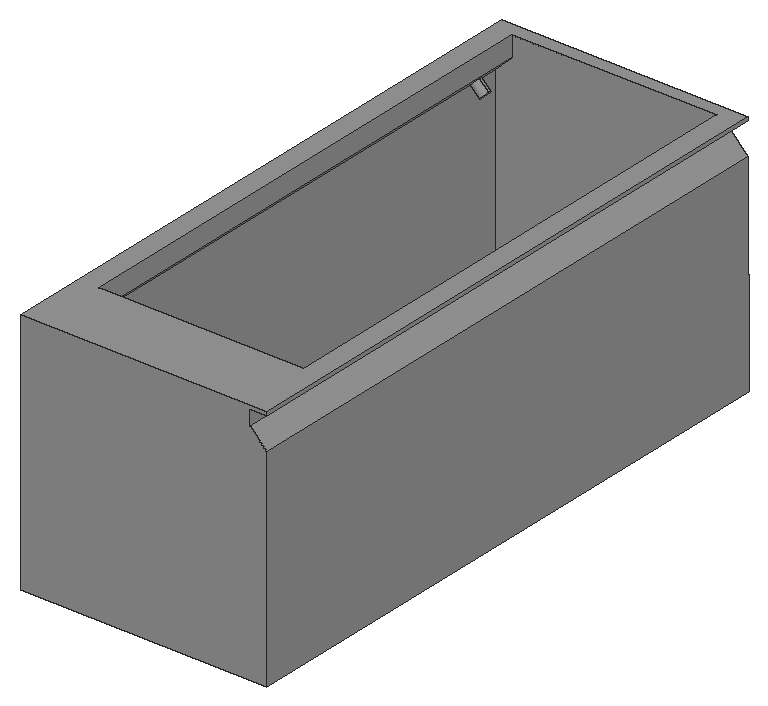
Revit family "Shower_Cabinet-Willoughby-US-3636-L", category Plumbing Fixtures, Revit 2015
Parameters (values of type "Standard")
  Waste Radius = Waste DIA / 2  # 1"
  Waste DIA = 2"
  Waste Connection = yes
  Vent Connection = no
  URL = "https://www.willoughby-ind.com/wp-content/uploads/2018/01/US-3636.pdf"
  Revision = "A"
  Model = "US-3636-L"
  Manufacturer = "Willoughby Industries"
  HW Connection = no
  HCW Inlet RAD = HCW Inlet DIA / 2  # 1/4"
  HCW Inlet DIA = 1/2"
  HCW Connection = yes
  Fixture Body = Stainless Steel AISI 304-Willoughby
  Description = "US 36\" X 36\" Cabinet Shower, Left Hand"
  Default Elevation = 0' - 0"
  Contact info = "(800) 428-4065"
  CW Connection = no
Reference planes (in)
  plane 1 "Center (Front/Back)": y = 0
  plane 2: z = 0
  plane 3 "Center (Left/Right)": x = 0
  plane 4: y = 88
  plane 5: x = -18
  plane 6: x = 18
  plane 7: z = 36
  plane 8: z = 18
  plane 9 "Waste Height": y = 6.5
Forms (in)
  Extrusion 1, solid, material "Stainless Steel AISI 304-Willoughby" <- "Fixture Body"
    sketch origin (0, 0, 0) x (1, 0, 0) y (0, 0, 1)
      loop
        line (-18, 0) -> (18, 0) -> (18, 30.70711) -> (15.5, 33.20711) -> (15.5, 35.5) -> (18, 35.5) -> (18, 36) -> (-18, 36) -> (-18, 0)
    from 0 to -88
  Extrusion 2, void, detail levels fine
    sketch origin (0, 0, 0) x (1, 0, 0) y (0, 0, 1)
      loop
        line (17.5, 0.5) -> (17.5, 30.5) -> (15, 33) -> (15, 36) -> (-15, 36) -> (-15, 33) -> (-17.5, 30.5) -> (-17.5, 0.5) -> (17.5, 0.5)
    from -10.5 to -86
  Extrusion 3, void, detail levels fine
    sketch origin (0, 0, 0) x (1, 0, 0) y (0, 0, 1)
      loop
        line (17.5, 0.5) -> (17.5, 30.5) -> (15, 33) -> (-15, 33) -> (-17.5, 30.5) -> (-17.5, 0.5) -> (17.5, 0.5)
    from -9 to -10.5
  Extrusion 4, void, detail levels fine
    sketch origin (0.89838, 0, 3.72188) x (1, 0, 0) y (0, 0, 1)
      loop
        circle (-0.89838, 14.27812) r 2
    from -8.61062 to -9
  Extrusion 5, solid, material "Stainless Steel AISI 304-Willoughby" <- "Fixture Body", detail levels fine
    sketch origin (0, 0, 0) x (1, 0, 0) y (0, 1, 0)
      loop
        circle (0, 6.5) r 1
    from 0 to 5.55813
  Extrusion 6, solid, material "Stainless Steel AISI 304-Willoughby" <- "Fixture Body"
    sketch origin (-17.12132, 0, 30.87868) x (-0.707107, 0, -0.707107) y (0, 1, 0)
      loop
        circle (-1.23223, 81) r 0.75
    from 0 to 2
Cuts and joins
  Extrusion 2, Extrusion 3, Extrusion 4 cuts Extrusion 1
Lines and regions (in)
  model lines, detail levels coarse+medium
    curve 1: line (-18, 0, 0) -> (18, 0, 0)
    curve 2: line (18, 0, 0) -> (18, 0, 36)
    curve 3: line (18, 0, 36) -> (-18, 0, 36)
    curve 4: line (-18, 0, 36) -> (-18, 0, 35.5)
    curve 5: line (-18, 0, 35.5) -> (-15.5, 0, 35.5)
    curve 6: line (-15.5, 0, 35.5) -> (-15.5, 0, 33.20711)
    curve 7: line (-15.5, 0, 33.20711) -> (-18, 0, 30.70711)
    curve 8: line (-18, 0, 30.70711) -> (-18, 0, 0)
    curve 24: line (0, 0, 0) -> (0, 88, 0)
    curve 25: line (0, 88, 0) -> (0, 88, 36)
    curve 26: line (0, 88, 36) -> (0, 0, 36)
    curve 27: line (0, 0, 36) -> (0, 0, 0)
    curve 28: line (0, 0, 35.5) -> (0, 88, 35.5)
  model lines, detail levels medium
    curve 9: line (-15, 0, 36) -> (-15, 0, 33)
    curve 10: line (-15, 0, 33) -> (-17.5, 0, 30.5)
    curve 11: line (-17.5, 0, 30.5) -> (-17.5, 0, 0.5)
    curve 12: line (-17.5, 0, 0.5) -> (17.5, 0, 0.5)
    curve 13: line (17.5, 0, 0.5) -> (17.5, 0, 30.5)
    curve 14: line (17.5, 0, 30.5) -> (15, 0, 33)
    curve 15: line (15, 0, 33) -> (15, 0, 36)
    curve 16: line (15.36612, 0, 29.80546) -> (14.30546, 0, 30.86612)
    curve 17: line (14.30546, 0, 30.86612) -> (15.71967, 0, 32.28033)
    curve 18: line (15.36612, 0, 29.80546) -> (16.78033, 0, 31.21967)
    curve 19: circle (0, 0, 18) r 2 normal (0, -1, 0)
    curve 20: line (15, 0, 33) -> (-15, 0, 33)
    curve 21: line (0.75, 0, 0.87743) -> (-0.75, 0, 0.87743)
    curve 22: line (-0.75, 0, 0.87743) -> (-0.75, 0, 0.5)
    curve 23: line (0.75, 0, 0.87743) -> (0.75, 0, 0.5)
    curve 29: line (0, 10.5, 36) -> (0, 10.5, 33)
    curve 30: line (0, 86, 33) -> (0, 9, 33)
    curve 31: line (0, 9, 33) -> (0, 9, 0.5)
    curve 32: line (0, 9, 0.5) -> (0, 86, 0.5)
    curve 33: line (0, 86, 0.5) -> (0, 86, 36)
    curve 34: line (0, 51.75, 0.87743) -> (0, 50.25, 0.87743)
    curve 35: line (0, 50.25, 0.87743) -> (0, 50.25, 0.5)
    curve 36: line (0, 51.75, 0.87743) -> (0, 51.75, 0.5)
    curve 37: spline (0, 80.25, 31.75) -> (0, 80.27556, 31.88726) -> (0, 80.35048, 32.01517) -> (0, 80.46967, 32.125) -> (0, 80.625, 32.20928) -> (0, 80.80589, 32.26226) -> (0, 81, 32.28033) -> (0, 81.19411, 32.26226) -> (0, 81.375, 32.20928) -> (0, 81.53033, 32.125) -> (0, 81.64952, 32.01517) -> (0, 81.72444, 31.88726) -> (0, 81.75, 31.75)
    curve 38: spline (0, 80.25, 30.33579) -> (0, 80.27556, 30.19853) -> (0, 80.35048, 30.07062) -> (0, 80.46967, 29.96079) -> (0, 80.625, 29.87651) -> (0, 80.80589, 29.82353) -> (0, 81, 29.80546) -> (0, 81.19411, 29.82353) -> (0, 81.375, 29.87651) -> (0, 81.53033, 29.96079) -> (0, 81.64952, 30.07062) -> (0, 81.72444, 30.19853) -> (0, 81.75, 30.33579)
    curve 39: line (0, 80.25, 30.33579) -> (0, 80.25, 31.75)
    curve 40: line (0, 81.75, 31.75) -> (0, 81.75, 30.33579)
    curve 41: line (0, 9, 30.5) -> (0, 80.25, 30.5)
    curve 42: line (0, 81.75, 30.5) -> (0, 86, 30.5)
    curve 43: spline (0, 81.75, 30.33579) -> (0, 81.72444, 30.47301) -> (0, 81.64952, 30.60088) -> (0, 81.53033, 30.71069) -> (0, 81.375, 30.79495) -> (0, 81.19411, 30.84791) -> (0, 81, 30.86598) -> (0, 80.80589, 30.84791) -> (0, 80.625, 30.79495) -> (0, 80.46967, 30.71069) -> (0, 80.35048, 30.60088) -> (0, 80.27556, 30.47301) -> (0, 80.25, 30.33579)
  symbolic lines
    curve 44: line (-18, 0, 0) -> (-18, 88, 0)
    curve 45: line (-18, 88, 0) -> (18, 88, 0)
    curve 46: line (18, 88, 0) -> (18, 0, 0)
    curve 47: line (18, 0, 0) -> (-18, 0, 0)
    curve 60: line (-18, 0, 0) -> (18, 0, 0)
    curve 61: line (18, 0, 0) -> (18, 0, 36)
    curve 62: line (18, 0, 36) -> (-18, 0, 36)
    curve 63: line (-18, 0, 36) -> (-18, 0, 35.5)
    curve 64: line (-18, 0, 35.5) -> (-15.5, 0, 35.5)
    curve 65: line (-15.5, 0, 35.5) -> (-15.5, 0, 33.20711)
    curve 66: line (-15.5, 0, 33.20711) -> (-18, 0, 30.70711)
    curve 67: line (-18, 0, 30.70711) -> (-18, 0, 0)
    curve 68: line (0, 0, 0) -> (0, 88, 0)
    curve 69: line (0, 88, 0) -> (0, 88, 36)
    curve 70: line (0, 88, 36) -> (0, 0, 36)
    curve 71: line (0, 0, 36) -> (0, 0, 0)
    curve 72: line (0, 0, 30.70711) -> (0, 88, 30.70711)
    curve 73: line (0, 88, 33.20711) -> (0, 0, 33.20711)
    curve 74: line (0, 0, 35.5) -> (0, 88, 35.5)
  symbolic lines, detail levels medium+fine
    curve 48: line (-17.5, 9, 0) -> (-17.5, 86, 0)
    curve 49: line (-17.5, 86, 0) -> (17.5, 86, 0)
    curve 50: line (17.5, 86, 0) -> (17.5, 9, 0)
    curve 51: line (17.5, 9, 0) -> (-17.5, 9, 0)
    curve 52: line (-15.5, 0, 0) -> (-15.5, 88, 0)
    curve 53: line (-15, 9, 0) -> (-15, 86, 0)
    curve 54: line (15, 86, 0) -> (15, 9, 0)
    curve 55: line (15, 10.5, 0) -> (-15, 10.5, 0)
  symbolic lines, detail levels fine
    curve 56: circle (0, 51, 0) r 0.75 normal (0, 0, 1)
    curve 57: line (15, 81.75, 0) -> (14.75, 81.75, 0)
    curve 58: line (15, 80.25, 0) -> (14.75, 80.25, 0)
    curve 59: spline (14.75, 81.75, 0) -> (14.63494, 81.72444, 0) -> (14.52773, 81.64952, 0) -> (14.43566, 81.53033, 0) -> (14.36501, 81.375, 0) -> (14.3206, 81.19411, 0) -> (14.30546, 81, 0) -> (14.3206, 80.80589, 0) -> (14.36501, 80.625, 0) -> (14.43566, 80.46967, 0) -> (14.52773, 80.35048, 0) -> (14.63494, 80.27556, 0) -> (14.75, 80.25, 0)
Dimensions and locks (in)
  plane 3 "Center (Left/Right)" to plane 5 = 1' - 6"
  plane 6 to plane 3 "Center (Left/Right)" = 1' - 6"
  plane 4 to cut or joined group of Extrusion 1, Extrusion 2, Extrusion 3, Extrusion 4 = 0' - 2"
  cut or joined group of Extrusion 1, Extrusion 2, Extrusion 3, Extrusion 4 to cut or joined group of Extrusion 1, Extrusion 2, Extrusion 3, Extrusion 4 = 0' - 10 1/2"
  cut or joined group of Extrusion 1, Extrusion 2, Extrusion 3, Extrusion 4 to plane 6 = 0' - 0 1/2"
  locked: cut or joined group of Extrusion 1, Extrusion 2, Extrusion 3, Extrusion 4 to cut or joined group of Extrusion 1, Extrusion 2, Extrusion 3, Extrusion 4 at 3
  cut or joined group of Extrusion 1, Extrusion 2, Extrusion 3, Extrusion 4 to plane 1 "Center (Front/Back)" = 0' - 9"
  level to plane 8 = 1' - 6"
  plane 1 "Center (Front/Back)" to plane 9 "Waste Height" = 0' - 6 1/2"
  plane 1 "Center (Front/Back)" to plane 4 = 7' - 4"
  locked: plane 9 "Waste Height" to cut or joined group of Extrusion 1, Extrusion 2, Extrusion 3, Extrusion 4 at 2.5
  locked: plane 5 to plane 6 at 36
  angle cut or joined group of Extrusion 1, Extrusion 2, Extrusion 3, Extrusion 4 to cut or joined group of Extrusion 1, Extrusion 2, Extrusion 3, Extrusion 4 = 135.00°
  aligned and locked: Extrusion 1 to plane 4
  aligned: plane 5 to Extrusion 1
  aligned and locked: plane 7 to Extrusion 1
  aligned and locked: cut or joined group of Extrusion 1, Extrusion 2, Extrusion 3, Extrusion 4 to cut or joined group of Extrusion 1, Extrusion 2, Extrusion 3, Extrusion 4  (x3)
  aligned and locked: curve 19 to cut or joined group of Extrusion 1, Extrusion 2, Extrusion 3, Extrusion 4
  aligned and locked: level to cut or joined group of Extrusion 1, Extrusion 2, Extrusion 3, Extrusion 4
Connectors (in)
  piping at (0, 6.5, 0), diameter 2, driven by "Waste Connection"
    settings: on Extrusion 5, index 2, connector inside diameter 2", connector length 0' - 0", flow factor 0, pipe flow 0 GPM, pressure drop 0.00 psi, fitting loss kfactor 0, connector angle 0.00°, fixture units 0, engagement length 0' - 0", angle of deflection 0.00°, flow configuration 0, flow direction 2, fitting loss method 0, system type 16, joint type 0, gender type 0, connector reference index -1, connector utility 1, adjustable connector yes, is connector primary yes, connector description "Shower Drain"
